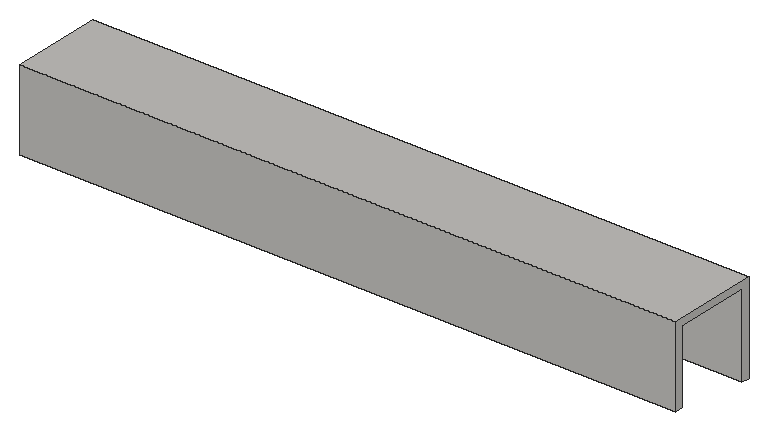
Revit family "Curb_Overlay_NobleCompany", category Specialty Equipment, host Face, Revit 2017
Family settings
  Host = Face
  Round Connector Dimension = Use Diameter
  Part Type = Normal
  OmniClass Number = 23.45.55.21
  OmniClass Title = Drains (Wastes)
  Cut with Voids When Loaded = No
  Shared = No
  Room Calculation Point = No
Parameters (values of type "1 Sided")
  Width [instance] = 32 1/2"
  URL = "www.noblecompany.com"
  Type Comments = ""
  Tile [instance] = Stainless Steel - Brushed
  Radius = 15 1/2"
  Product Properties = "http://www.noblecompany.com/Portals/0/PRODUCT%20INFO/Product%20Descriptions/FreeStyle%20Linear%20Drain%20Product%20Decription%200410.pdf"
  Product Data = "http://www.noblecompany.com/Products/ShowerProducts/tabid/59/Default.aspx"
  Model = "Preformed Overlay Curb"
  Manufacturer Phone - Toll Free = "800-878-5788"
  Manufacturer Phone = "231-799-8000"
  Manufacturer Fax = "231-799-8850"
  Manufacturer Email = "mailto:sales@noblecompany.com"
  Manufacturer Address = "7300 Enterprise Drive, Spring Lake, MI  49456 USA"
  Manufacturer = "Noble Company"
  Floor Offset_Outside [instance] = 1"
  Floor Offset_Inside [instance] = 1/2"
  Det2 = no
  Depth [instance] = 32 1/2"
  Installation-Fabrication = "http://www.noblecompany.com/Portals/0/PRODUCT%20INFO/Product%20Descriptions/FreeStyle%20Linear%20Drain%20Product%20Decription%200410.pdf"
  Height = 20"
  Description = "Noble Preformed Overlay Curb"
  Building Codes = "http://www.noblecompany.com/Portals/0/TECHNICAL%20INFO/Listing_Testing_Certification_Reports/PMG-1065%20Noble%20Company%20Linear%20Drain%20final%202.pdf"
  Base = Polymer coated Expanded Polystyrene
  Assembly Code = "D2030300"
  Default Elevation = 0"
  3 Sides = no
  2 Sides = no
  1 Side = yes
Types (3): name | Type Comments | Floor Offset_Outside | Floor Offset_Inside | Det2 | 3 Sides | 2 Sides | 1 Side
  1 Sided | "" | 1" | 1/2" | no | no | no | yes
  2 Sided | "" | 1/4" | 1/4" | yes | no | yes | no
  3 Sided | "Modify Sweep for Neo Angles and Custom Applications" | 1/2" | 1/4" | yes | yes | no | no
Reference planes (in)
  plane 1 "Center (Front/Back)": y = 0
  plane 2: z = 0
  plane 3 "Center (Left/Right)": x = 0
  plane 4: x = 32.5
  plane 5: y = 32.5
  plane 6: z = 20
Forms (in)
  Sweep 1, solid, material "Polymer coated Expanded Polystyrene" <- "Base", visible <- "1 Side"
    path origin (0, 0, 0) x (1, 0, 0) y (0, 1, 0)
      loop
        line (0, 0) -> (32.5, 0)
    profile "Profle_Curb_Overlay : Profle_Curb_Overlay" origin (16.25, 0, 0) x (0, 1, 0) y (0, 0, 1)
      loop
        line (0, 0.5) -> (0, 5) -> (-4.5, 5) -> (-4.5, 1) -> (-4.125, 1) -> (-4.125, 4.625) -> (-0.375, 4.625) -> (-0.375, 0.5) -> (0, 0.5)
  Sweep 2, solid, material "Polymer coated Expanded Polystyrene" <- "Base", visible <- "2 Sides"
    path origin (0, 0, 0) x (1, 0, 0) y (0, 1, 0)
      loop
        line (0, 0) -> (32.5, 0) -> (32.5, 32.5)
    profile "Profle_Curb_Overlay : Profle_Curb_Overlay" origin (16.25, 0, 0) x (0, 1, 0) y (0, 0, 1)
      loop
        line (0, 0.5) -> (0, 5) -> (-4.5, 5) -> (-4.5, 1) -> (-4.125, 1) -> (-4.125, 4.625) -> (-0.375, 4.625) -> (-0.375, 0.5) -> (0, 0.5)
  Sweep 3, solid, material "Polymer coated Expanded Polystyrene" <- "Base", visible <- "3 Sides"
    path origin (0, 0, 0) x (1, 0, 0) y (0, 1, 0)
      loop
        line (0, 0) -> (32.5, 0) -> (32.5, 32.5) -> (0, 32.5)
    profile "Profle_Curb_Overlay : Profle_Curb_Overlay" origin (16.25, 0, 0) x (0, 1, 0) y (0, 0, 1)
      loop
        line (0, 0.5) -> (0, 5) -> (-4.5, 5) -> (-4.5, 1) -> (-4.125, 1) -> (-4.125, 4.625) -> (-0.375, 4.625) -> (-0.375, 0.5) -> (0, 0.5)
Dimensions and locks (in)
  "Height": plane 6 to level
  "Width": plane 3 "Center (Left/Right)" to plane 4
  "Depth": plane 5 to plane 1 "Center (Front/Back)"
  aligned and locked: plane 2 to host face
  aligned and locked: level to host face
  aligned and locked: plane 1 "Center (Front/Back)" to Sweep 1 sketch curve
  aligned and locked: plane 3 "Center (Left/Right)" to Sweep 1 sketch curve
  aligned and locked: plane 4 to Sweep 1 sketch curve
  aligned and locked: plane 3 "Center (Left/Right)" to Sweep 2 sketch curve
  aligned and locked: plane 5 to Sweep 2 sketch curve
  aligned and locked: plane 4 to Sweep 2 sketch curve
  aligned and locked: plane 1 "Center (Front/Back)" to Sweep 2 sketch curve
  aligned and locked: plane 3 "Center (Left/Right)" to Sweep 3 sketch curve  (x2)
  aligned and locked: plane 1 "Center (Front/Back)" to Sweep 3 sketch curve
  aligned and locked: plane 4 to Sweep 3 sketch curve
  aligned and locked: plane 5 to Sweep 3 sketch curve
  aligned and locked: nested 1 to level
  aligned and locked: plane 4 to nested 1
  aligned and locked: plane 5 to nested 2
  aligned and locked: nested 2 to level
  aligned and locked: nested 3 to plane 1 "Center (Front/Back)"
  aligned and locked: level to nested 3
Automatic sketch dimensions
  host sketch curve to host sketch curve = 56 1/2"
  host sketch curve to host sketch curve = 49.54642"
Nested families (in)
  nested 1: "Detail_Curb_Overlay" at (32.5, 0, 0) x (1, 0, 0) z (0, -1, 0), visible <- "Det2", type "Detail_Curb_Overlay"
  nested 2: "Detail_Curb_Overlay" at (0, 32.5, 0) x (0, 1, 0) z (1, 0, 0), visible <- "3 Sides", type "Detail_Curb_Overlay"
  nested 3: "Detail_Curb_Overlay" at (0, 0, 0) x (0, -1, 0) z (1, 0, 0), type "Detail_Curb_Overlay"
Definition of nested family "Detail_Curb_Overlay"
  Parameters
    Floor Offset_Shower Side = 1/4"
    Floor Offset_Outside = 1/4"
  Reference planes (in)
    plane 1 "Center (Front/Back)": y = 0
    plane 2: z = 0
    plane 3 "Center (Left/Right)": x = 0
    plane 4: y = 0.25
    plane 5: y = 0.25
    plane 6: y = 5
    plane 7: y = 4.5
    plane 8: y = 4.625
  Lines and regions (in)
    Filled region 1, type "Concrete", in view "Ref. Level"
      outline origin (0.125, 0.375, 0) x (1, 0, 0) y (0, 1, 0)
        loop
          line (-0.125, 4.625) -> (-0.125, -0.125) -> (0.25, -0.125) -> (0.25, 4.25) -> (3.99992, 4.25) -> (3.99992, -0.125) -> (4.37492, -0.125) -> (4.37492, 4.625) -> (-0.125, 4.625)
    Filled region 2, type "Solid", in view "Ref. Level"
      outline origin (0, 0, 0) x (1, 0, 0) y (0, 1, 0)
        loop
          line (0.5, 0) -> (0.5, 4.5) -> (4, 4.5) -> (4, 0) -> (6, 0) -> (6, 0.0625) -> (4.0625, 0.0625) -> (4.0625, 4.5625) -> (0.4375, 4.5625) -> (0.4375, 0.0625) -> (-1.49439, 0.0625) -> (-1.49439, 0) -> (0.5, 0)
    detail lines, in view "Ref. Level"
      curve 1: line (0, 0.25, 0) -> (0, 5, 0)
      curve 2: line (0, 5, 0) -> (4.49992, 5, 0)
      curve 3: line (4.49992, 5, 0) -> (4.49992, 0.25, 0)
      curve 4: line (4.49992, 0.25, 0) -> (4.12492, 0.25, 0)
      curve 5: line (4.12492, 0.25, 0) -> (4.12492, 4.5, 0)
      curve 6: line (4.12492, 4.625, 0) -> (0.5, 4.625, 0)
      curve 7: line (0.375, 4.5, 0) -> (0.375, 0.25, 0)
      curve 8: line (0.375, 0.25, 0) -> (0, 0.25, 0)
      curve 9: line (0.5, 3, 0) -> (4, 3, 0)
      curve 10: line (0.5, 1.5, 0) -> (4, 1.5, 0)
      curve 11: line (0.5, 0, 0) -> (4, 0, 0)
      curve 12: line (0.5, 4.5, 0) -> (4, 3, 0)
      curve 13: line (4, 3, 0) -> (0.5, 1.5, 0)
      curve 14: line (0.5, 1.5, 0) -> (4, 0, 0)
      curve 15: line (4, 1.5, 0) -> (0.5, 0, 0)
      curve 16: line (4, 1.5, 0) -> (0.5, 3, 0)
      curve 17: line (0.5, 3, 0) -> (4, 4.5, 0)
      curve 18: line (0.5, 0, 0) -> (0.5, 4.5, 0)
      curve 19: line (4, 0, 0) -> (4, 4.5, 0)
      curve 20: line (0.5, 4.5, 0) -> (4, 4.5, 0)
      curve 21: arc (0.5, 4.375, 0) -> (0.375, 4.25, 0) -> (0.5, 4.125, 0) r 0.125
      curve 22: arc (0.5, 3.875, 0) -> (0.375, 3.75, 0) -> (0.5, 3.625, 0) r 0.125
      curve 23: arc (0.5, 3.375, 0) -> (0.375, 3.25, 0) -> (0.5, 3.125, 0) r 0.125
      curve 24: arc (0.5, 2.875, 0) -> (0.375, 2.75, 0) -> (0.5, 2.625, 0) r 0.125
      curve 25: arc (0.5, 2.375, 0) -> (0.375, 2.25, 0) -> (0.5, 2.125, 0) r 0.125
      curve 26: arc (0.5, 1.875, 0) -> (0.375, 1.75, 0) -> (0.5, 1.625, 0) r 0.125
      curve 27: arc (0.5, 1.375, 0) -> (0.375, 1.25, 0) -> (0.5, 1.125, 0) r 0.125
      curve 28: arc (0.5, 0.25349, 0) -> (0.375, 0.12849, 0) -> (0.5, 0.00349, 0) r 0.125
      curve 29: arc (0.5, 0.03781, 0) -> (0.375, -0.08719, 0) -> (0.5, -0.21219, 0) r 0.125
      curve 30: arc (4, 4.375, 0) -> (4.125, 4.25, 0) -> (4, 4.125, 0) r 0.125
      curve 31: arc (4, 3.875, 0) -> (4.125, 3.75, 0) -> (4, 3.625, 0) r 0.125
      curve 32: arc (4, 3.375, 0) -> (4.125, 3.25, 0) -> (4, 3.125, 0) r 0.125
      curve 33: arc (4, 2.875, 0) -> (4.125, 2.75, 0) -> (4, 2.625, 0) r 0.125
      curve 34: arc (4, 2.375, 0) -> (4.125, 2.25, 0) -> (4, 2.125, 0) r 0.125
      curve 35: arc (4, 1.875, 0) -> (4.125, 1.75, 0) -> (4, 1.625, 0) r 0.125
      curve 36: arc (4, 0.75349, 0) -> (4.125, 0.62849, 0) -> (4, 0.50349, 0) r 0.125
      curve 37: arc (4, 0.25349, 0) -> (4.125, 0.12849, 0) -> (4, 0.00349, 0) r 0.125
      curve 38: arc (4, 0.375, 0) -> (4.125, 0.25, 0) -> (4, 0.125, 0) r 0.125
      curve 39: arc (0.875, 4.5, 0) -> (0.75, 4.625, 0) -> (0.625, 4.5, 0) r 0.125
      curve 40: arc (1.375, 4.5, 0) -> (1.25, 4.625, 0) -> (1.125, 4.5, 0) r 0.125
      curve 41: arc (1.875, 4.5, 0) -> (1.75, 4.625, 0) -> (1.625, 4.5, 0) r 0.125
      curve 42: arc (2.375, 4.5, 0) -> (2.25, 4.625, 0) -> (2.125, 4.5, 0) r 0.125
      curve 43: arc (2.875, 4.5, 0) -> (2.75, 4.625, 0) -> (2.625, 4.5, 0) r 0.125
      curve 44: arc (3.375, 4.5, 0) -> (3.25, 4.625, 0) -> (3.125, 4.5, 0) r 0.125
      curve 45: arc (3.875, 4.5, 0) -> (3.75, 4.625, 0) -> (3.625, 4.5, 0) r 0.125
  Dimensions and locks (in)
    "Floor Offset_Shower Side": plane 1 "Center (Front/Back)" to plane 4
    "Floor Offset_Outside": plane 1 "Center (Front/Back)" to plane 5
    locked: plane 6 to plane 8 at 0.375
    locked: plane 1 "Center (Front/Back)" to plane 6 at 5
    locked: plane 8 to plane 7 at 0.125
    equal spacing: plane 7, curve 9, curve 10, plane 1 "Center (Front/Back)"
    aligned and locked: Filled region 1 sketch curve to curve 2
    aligned and locked: Filled region 1 sketch curve to curve 3
    aligned and locked: Filled region 1 sketch curve to curve 4
    aligned and locked: Filled region 1 sketch curve to curve 5
    aligned and locked: Filled region 1 sketch curve to curve 6
    aligned and locked: Filled region 1 sketch curve to curve 7
    aligned and locked: curve 8 to Filled region 1 sketch curve
    aligned and locked: Filled region 1 sketch curve to curve 1
    aligned and locked: plane 4 to curve 4
    aligned and locked: plane 5 to curve 8
    aligned and locked: curve 2 to plane 6
    aligned and locked: plane 8 to curve 6
    aligned and locked: curve 20 to plane 7
    aligned and locked: Filled region 2 to plane 7
  Automatic sketch dimensions
    plane 1 "Center (Front/Back)" to Filled region 2 sketch curve = 0"  (x2)
    Filled region 2 sketch curve to plane 1 "Center (Front/Back)" = 1/16"  (x2)
    Filled region 2 sketch curve to plane 3 "Center (Left/Right)" = 1.49439"
    plane 3 "Center (Left/Right)" to Filled region 2 sketch curve = 7/16"
    Filled region 2 sketch curve to Filled region 2 sketch curve = 1/16"  (x3)
    Filled region 2 sketch curve to Filled region 2 sketch curve = 3 1/2"
    Filled region 2 sketch curve to Filled region 2 sketch curve = 1 15/16"
    plane 4 to Filled region 2 sketch curve = 4 1/4"
    curve 1 to plane 3 "Center (Left/Right)" = 0"
    curve 7 to plane 7 = 0"
    plane 1 "Center (Front/Back)" to curve 11 = 0"
    plane 5 to curve 38 = 0"
    curve 5 to plane 7 = 0"
    plane 3 "Center (Left/Right)" to curve 8 = 3/8"
    plane 1 "Center (Front/Back)" to curve 29 = 0.08719"
    curve 7 to curve 29 = 1/8"
    curve 12 to curve 39 = 1/4"
    curve 39 to curve 40 = 1/2"
    curve 40 to curve 41 = 1/2"
    curve 41 to curve 42 = 1/2"
    curve 42 to curve 43 = 1/2"
    curve 43 to curve 44 = 1/2"
    curve 44 to curve 45 = 1/2"
    curve 45 to curve 31 = 1/4"
    curve 37 to curve 5 = 0.12492"
    curve 4 to curve 3 = 3/8"
    curve 28 to plane 4 = 0.12151"
    curve 37 to plane 4 = 0.12151"
    plane 4 to curve 36 = 0.37849"
    curve 27 to curve 13 = 1/4"
    curve 10 to curve 26 = 1/4"
    curve 10 to curve 35 = 1/4"
    curve 26 to curve 25 = 1/2"
    curve 25 to curve 24 = 1/2"
    curve 33 to curve 12 = 1/4"
    curve 9 to curve 23 = 1/4"
    curve 9 to curve 32 = 1/4"
    curve 23 to curve 22 = 1/2"
    curve 32 to curve 31 = 1/2"
    curve 30 to curve 17 = 1/4"
    curve 21 to curve 12 = 1/4"
    curve 6 to curve 12 = 0"
    curve 39 to curve 39 = 1/8"
    curve 40 to curve 40 = 1/8"
    curve 41 to curve 41 = 1/8"
    curve 42 to curve 42 = 1/8"
    curve 43 to curve 43 = 1/8"
    curve 44 to curve 44 = 1/8"
    curve 45 to curve 45 = 1/8"
    curve 6 to curve 5 = 0"
    curve 29 to curve 29 = 1/8"
    curve 38 to curve 38 = 1/8"
    curve 28 to curve 28 = 1/8"
    curve 37 to curve 37 = 1/8"
    curve 27 to curve 27 = 1/8"
    curve 36 to curve 36 = 1/8"
    curve 35 to curve 35 = 1/8"
    curve 26 to curve 26 = 1/8"
    curve 25 to curve 25 = 1/8"
    curve 34 to curve 34 = 1/8"
    curve 24 to curve 24 = 1/8"
    curve 33 to curve 33 = 1/8"
    curve 32 to curve 32 = 1/8"
    curve 23 to curve 23 = 1/8"
    curve 22 to curve 22 = 1/8"
    curve 31 to curve 31 = 1/8"
    curve 21 to curve 21 = 1/8"
    curve 30 to curve 30 = 1/8"
    curve 34 to curve 33 = 3/8"
